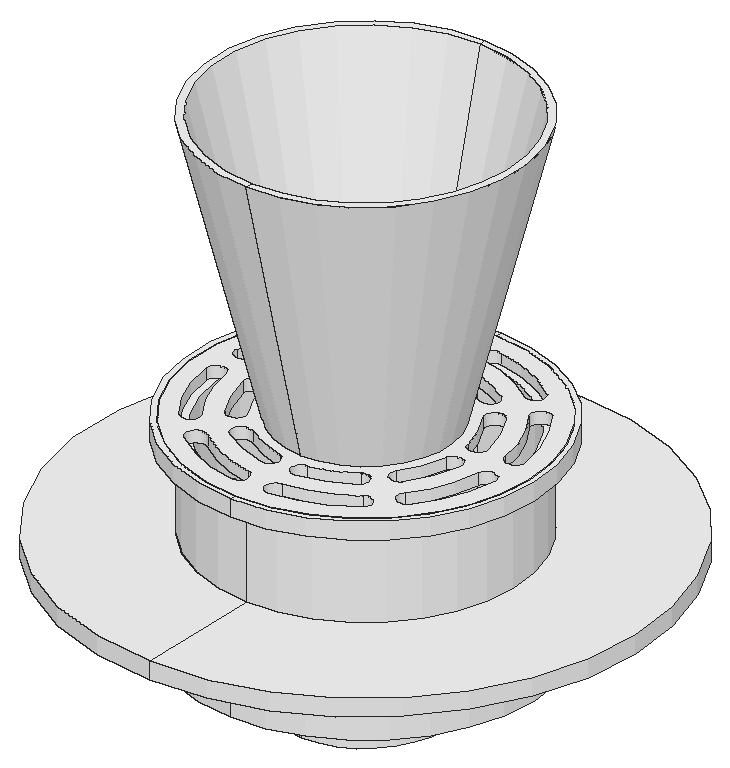
Revit family "F1100-EF", category Plumbing Fixtures, host Face, Revit 2018
Family settings
  Host = Face
  Round Connector Dimension = Use Radius
  Part Type = Normal
  Cut with Voids When Loaded = No
  Shared = No
  Room Calculation Point = No
Parameters (values of type "F1100-EF-Ø2"")
  WFU = 0
  URL = "WWW.MIFAB.COM"
  Pipe Radius = Pipe Diameter / 2  # 0' - 1"
  Pipe Diameter = 0' - 2"
  Model = "F1100-EF"
  Manufacturer = "MIFAB"
  Floor Drain Material = Paint - Sherwin Williams Paint - #952C2A - Bellwood Red
  Description = "ROUND FUNNEL FLOOR DRAIN FOR NON-MEMBRANE FLOOR AREAS"
  Default Elevation = 0' - 0"
  CWFU = 0
  BODY HEIGHT = 0' - 2 1/4"
  Assembly Code = ""
  ADJUSTMENT = 0' - 1 1/2"
Types (6): name | Pipe Radius | Pipe Diameter | BODY HEIGHT
  (no name) | 0' - 1" | 0' - 2" | 0' - 2 1/4"
  F1100-EF-Ø2" | 0' - 1" | 0' - 2" | 0' - 2 1/4"
  F1100-EF-Ø3" | 0' - 1 1/2" | 0' - 3" | 0' - 2 5/8"
  F1100-EF-Ø4" | 0' - 2" | 0' - 4" | 0' - 2 5/8"
  F1100-EF-Ø5" | 0' - 2 1/2" | 0' - 5" | 0' - 2 5/8"
  F1100-EF-Ø6" | 0' - 3" | 0' - 6" | 0' - 2 5/8"
Reference planes (in)
  plane 1 "Center (Front/Back)": y = 0
  plane 2: z = 0
  plane 3 "Center (Left/Right)": x = 0
  plane 4: y = -1
  plane 5: y = 1
  plane 6: y = 2.5
  plane 7: y = -2.5
  plane 8: y = -1.18
  plane 9: y = -2.32
  plane 10: y = -4
  plane 11: y = 4
  plane 12: z = -1.29633
  plane 13: z = -1.5
  plane 14: z = -1.75
  plane 15: z = -3.75
  plane 16: z = -2.9
  plane 17: z = 4
  plane 18: z = -0.25
  plane 19: y = -1.2
  plane 20: y = -1.18528
  plane 21: z = -2.39755
  plane 22: z = -2.31755
Forms (in)
  Revolve 1, solid, material "Paint - Sherwin Williams Paint - #952C2A - Bellwood Red" <- "Floor Drain Material"
    sketch origin (0, -109.78025, 0) x (0, 1, 0) y (0, 0, 1)
      loop
        line (107.58025, -2.31755) -> (107.66025, -2.39755) -> (107.73025, -2.39755) -> (107.73025, -0.16) -> (107.36025, -0.16) -> (107.36025, 0) -> (107.28025, 0) -> (107.28025, -0.25) -> (107.58025, -0.25) -> (107.58025, -2.31755)
      axis (109.78025, -2.39755) -> (109.78025, 0)
    angle from 0 to 360
  Revolve 2, solid, material "Paint - Sherwin Williams Paint - #952C2A - Bellwood Red" <- "Floor Drain Material"
    sketch origin (0, -109.78025, 5.25224) x (0, 1, 0) y (0, 0, 1)
      loop
        line (107.66025, -6.83224) -> (107.58025, -6.75224) -> (105.78025, -6.75224) -> (105.78025, -7.00224) -> (107.28025, -7.00224) -> (107.28025, -8.15224) -> (108.60025, -8.50224) -> (108.60025, -9.00224) -> (108.78025, -9.00224) -> (108.78025, -8.52) -> (107.46025, -8.17) -> (107.46025, -7.00224) -> (107.58025, -7.00224) -> (107.66025, -6.92224) -> (107.66025, -6.83224)
      axis (109.78025, -9.00224) -> (109.78025, -6.75224)
    angle from 0 to 360
  Revolve 3, solid, material "Paint - Sherwin Williams Paint - #952C2A - Bellwood Red" <- "Floor Drain Material"
    sketch origin (0, 0, 0) x (0, 1, 0) y (0, 0, 1)
      loop
        line (3.6, -2.08291) -> (3.6, -2.00575) -> (3.23, -2.00575) -> (3.13, -1.90575) -> (2.73, -1.90575) -> (2.73, -1.75) -> (2.32, -1.75) -> (2.32, -2.08291) -> (3.6, -2.08291)
      axis (2.32, -2.25575) -> (3.6, -2.25575)
    angle from 0 to 360
  Revolve 4, solid, material "Paint - Sherwin Williams Paint - #952C2A - Bellwood Red" <- "Floor Drain Material"
    sketch origin (0, 0, 0) x (0, 1, 0) y (0, 0, 1)
      loop
        line (-1.18528, 0.35) -> (-2.10738, 4) -> (-2.21053, 4) -> (-1.2, 0) -> (-0.125, 0) -> (-0.125, 0.35) -> (-1.18528, 0.35)
      axis (0, 0) -> (0, 4)
    angle from 0 to 360
  Extrusion 5, solid, material "Paint - Sherwin Williams Paint - #952C2A - Bellwood Red" <- "Floor Drain Material"
    sketch origin (0, 0, 0) x (-1, 0, 0) y (0, -1, 0)
      loop
        circle (0, 0) r 2.42
      loop
        arc (1.0682, -0.23682) -> (0.97801, -0.06268) -> (0.80387, -0.15286) r 0.13867
        arc (0.80387, -0.15286) -> (0.748, -0.30556) -> (0.67917, -0.45286) r 1.88266
        arc (0.67917, -0.45286) -> (0.73807, -0.63992) -> (0.92513, -0.58101) r 0.13867
        arc (0.92513, -0.58101) -> (1.0041, -0.41201) -> (1.0682, -0.23682) r 2.16
      loop
        arc (1.4928, -1.14715) -> (1.51826, -1.3416) -> (1.71271, -1.31614) r 0.13867
        arc (1.71271, -1.31614) -> (1.99444, -0.82934) -> (2.14094, -0.2863) r 2.16
        arc (2.14094, -0.2863) -> (2.02232, -0.13011) -> (1.86615, -0.24876) r 0.13867
        arc (1.86615, -0.24876) -> (1.73851, -0.72249) -> (1.4928, -1.14715) r 1.88266
      loop
        arc (1.61258, -0.26439) -> (1.50772, -0.09867) -> (1.34199, -0.20353) r 0.13867
        arc (1.34199, -0.20353) -> (1.24373, -0.51289) -> (1.09378, -0.80078) r 1.88266
        arc (1.09378, -0.80078) -> (1.13637, -0.99221) -> (1.3278, -0.94962) r 0.13867
        arc (1.3278, -0.94962) -> (1.49983, -0.61933) -> (1.61258, -0.26439) r 2.16
      loop
        arc (1.0682, 0.23682) -> (1.0041, 0.41201) -> (0.92513, 0.58101) r 2.16
        arc (0.92513, 0.58101) -> (0.73807, 0.63992) -> (0.67917, 0.45286) r 0.13867
        arc (0.67917, 0.45286) -> (0.748, 0.30556) -> (0.80387, 0.15286) r 1.88266
        arc (0.80387, 0.15286) -> (0.97801, 0.06268) -> (1.0682, 0.23682) r 0.13867
      loop
        arc (1.4928, 1.14715) -> (1.73851, 0.72249) -> (1.86615, 0.24876) r 1.88266
        arc (1.86615, 0.24876) -> (2.02232, 0.13011) -> (2.14094, 0.2863) r 0.13867
        arc (2.14094, 0.2863) -> (1.99444, 0.82934) -> (1.71271, 1.31614) r 2.16
        arc (1.71271, 1.31614) -> (1.51826, 1.3416) -> (1.4928, 1.14715) r 0.13867
      loop
        arc (1.61258, 0.26439) -> (1.49983, 0.61933) -> (1.3278, 0.94962) r 2.16
        arc (1.3278, 0.94962) -> (1.13637, 0.99221) -> (1.09378, 0.80078) r 0.13867
        arc (1.09378, 0.80078) -> (1.24373, 0.51289) -> (1.34199, 0.20353) r 1.88266
        arc (1.34199, 0.20353) -> (1.50772, 0.09867) -> (1.61258, 0.26439) r 0.13867
      loop
        arc (0.23682, 1.0682) -> (0.06268, 0.97801) -> (0.15286, 0.80387) r 0.13867
        arc (0.15286, 0.80387) -> (0.30556, 0.748) -> (0.45286, 0.67917) r 1.88266
        arc (0.45286, 0.67917) -> (0.63992, 0.73807) -> (0.58101, 0.92513) r 0.13867
        arc (0.58101, 0.92513) -> (0.41201, 1.0041) -> (0.23682, 1.0682) r 2.16
      loop
        arc (1.14715, 1.4928) -> (1.3416, 1.51826) -> (1.31614, 1.71271) r 0.13867
        arc (1.31614, 1.71271) -> (0.82934, 1.99444) -> (0.2863, 2.14094) r 2.16
        arc (0.2863, 2.14094) -> (0.13011, 2.02232) -> (0.24876, 1.86615) r 0.13867
        arc (0.24876, 1.86615) -> (0.72249, 1.73851) -> (1.14715, 1.4928) r 1.88266
      loop
        arc (0.26439, 1.61258) -> (0.09867, 1.50772) -> (0.20353, 1.34199) r 0.13867
        arc (0.20353, 1.34199) -> (0.51289, 1.24373) -> (0.80078, 1.09378) r 1.88266
        arc (0.80078, 1.09378) -> (0.99221, 1.13637) -> (0.94962, 1.3278) r 0.13867
        arc (0.94962, 1.3278) -> (0.61933, 1.49983) -> (0.26439, 1.61258) r 2.16
      loop
        arc (-0.23682, 1.0682) -> (-0.41201, 1.0041) -> (-0.58101, 0.92513) r 2.16
        arc (-0.58101, 0.92513) -> (-0.63992, 0.73807) -> (-0.45286, 0.67917) r 0.13867
        arc (-0.45286, 0.67917) -> (-0.30556, 0.748) -> (-0.15286, 0.80387) r 1.88266
        arc (-0.15286, 0.80387) -> (-0.06268, 0.97801) -> (-0.23682, 1.0682) r 0.13867
      loop
        arc (-1.14715, 1.4928) -> (-0.72249, 1.73851) -> (-0.24876, 1.86615) r 1.88266
        arc (-0.24876, 1.86615) -> (-0.13011, 2.02232) -> (-0.2863, 2.14094) r 0.13867
        arc (-0.2863, 2.14094) -> (-0.82934, 1.99444) -> (-1.31614, 1.71271) r 2.16
        arc (-1.31614, 1.71271) -> (-1.3416, 1.51826) -> (-1.14715, 1.4928) r 0.13867
      loop
        arc (-0.26439, 1.61258) -> (-0.61933, 1.49983) -> (-0.94962, 1.3278) r 2.16
        arc (-0.94962, 1.3278) -> (-0.99221, 1.13637) -> (-0.80078, 1.09378) r 0.13867
        arc (-0.80078, 1.09378) -> (-0.51289, 1.24373) -> (-0.20353, 1.34199) r 1.88266
        arc (-0.20353, 1.34199) -> (-0.09867, 1.50772) -> (-0.26439, 1.61258) r 0.13867
      loop
        arc (-1.0682, 0.23682) -> (-0.97801, 0.06268) -> (-0.80387, 0.15286) r 0.13867
        arc (-0.80387, 0.15286) -> (-0.748, 0.30556) -> (-0.67917, 0.45286) r 1.88266
        arc (-0.67917, 0.45286) -> (-0.73807, 0.63992) -> (-0.92513, 0.58101) r 0.13867
        arc (-0.92513, 0.58101) -> (-1.0041, 0.41201) -> (-1.0682, 0.23682) r 2.16
      loop
        arc (-1.4928, 1.14715) -> (-1.51826, 1.3416) -> (-1.71271, 1.31614) r 0.13867
        arc (-1.71271, 1.31614) -> (-1.99444, 0.82934) -> (-2.14094, 0.2863) r 2.16
        arc (-2.14094, 0.2863) -> (-2.02232, 0.13011) -> (-1.86615, 0.24876) r 0.13867
        arc (-1.86615, 0.24876) -> (-1.73851, 0.72249) -> (-1.4928, 1.14715) r 1.88266
      loop
        arc (-1.61258, 0.26439) -> (-1.50772, 0.09867) -> (-1.34199, 0.20353) r 0.13867
        arc (-1.34199, 0.20353) -> (-1.24373, 0.51289) -> (-1.09378, 0.80078) r 1.88266
        arc (-1.09378, 0.80078) -> (-1.13637, 0.99221) -> (-1.3278, 0.94962) r 0.13867
        arc (-1.3278, 0.94962) -> (-1.49983, 0.61933) -> (-1.61258, 0.26439) r 2.16
      loop
        arc (-1.0682, -0.23682) -> (-1.0041, -0.41201) -> (-0.92513, -0.58101) r 2.16
        arc (-0.92513, -0.58101) -> (-0.73807, -0.63992) -> (-0.67917, -0.45286) r 0.13867
        arc (-0.67917, -0.45286) -> (-0.748, -0.30556) -> (-0.80387, -0.15286) r 1.88266
        arc (-0.80387, -0.15286) -> (-0.97801, -0.06268) -> (-1.0682, -0.23682) r 0.13867
      loop
        arc (-1.4928, -1.14715) -> (-1.73851, -0.72249) -> (-1.86615, -0.24876) r 1.88266
        arc (-1.86615, -0.24876) -> (-2.02232, -0.13011) -> (-2.14094, -0.2863) r 0.13867
        arc (-2.14094, -0.2863) -> (-1.99444, -0.82934) -> (-1.71271, -1.31614) r 2.16
        arc (-1.71271, -1.31614) -> (-1.51826, -1.3416) -> (-1.4928, -1.14715) r 0.13867
      loop
        arc (-1.61258, -0.26439) -> (-1.49983, -0.61933) -> (-1.3278, -0.94962) r 2.16
        arc (-1.3278, -0.94962) -> (-1.13637, -0.99221) -> (-1.09378, -0.80078) r 0.13867
        arc (-1.09378, -0.80078) -> (-1.24373, -0.51289) -> (-1.34199, -0.20353) r 1.88266
        arc (-1.34199, -0.20353) -> (-1.50772, -0.09867) -> (-1.61258, -0.26439) r 0.13867
      loop
        arc (-0.23682, -1.0682) -> (-0.06268, -0.97801) -> (-0.15286, -0.80387) r 0.13867
        arc (-0.15286, -0.80387) -> (-0.30556, -0.748) -> (-0.45286, -0.67917) r 1.88266
        arc (-0.45286, -0.67917) -> (-0.63992, -0.73807) -> (-0.58101, -0.92513) r 0.13867
        arc (-0.58101, -0.92513) -> (-0.41201, -1.0041) -> (-0.23682, -1.0682) r 2.16
      loop
        arc (-1.14715, -1.4928) -> (-1.3416, -1.51826) -> (-1.31614, -1.71271) r 0.13867
        arc (-1.31614, -1.71271) -> (-0.82934, -1.99444) -> (-0.2863, -2.14094) r 2.16
        arc (-0.2863, -2.14094) -> (-0.13011, -2.02232) -> (-0.24876, -1.86615) r 0.13867
        arc (-0.24876, -1.86615) -> (-0.72249, -1.73851) -> (-1.14715, -1.4928) r 1.88266
      loop
        arc (-0.26439, -1.61258) -> (-0.09867, -1.50772) -> (-0.20353, -1.34199) r 0.13867
        arc (-0.20353, -1.34199) -> (-0.51289, -1.24373) -> (-0.80078, -1.09378) r 1.88266
        arc (-0.80078, -1.09378) -> (-0.99221, -1.13637) -> (-0.94962, -1.3278) r 0.13867
        arc (-0.94962, -1.3278) -> (-0.61933, -1.49983) -> (-0.26439, -1.61258) r 2.16
      loop
        arc (0.23682, -1.0682) -> (0.41201, -1.0041) -> (0.58101, -0.92513) r 2.16
        arc (0.58101, -0.92513) -> (0.63992, -0.73807) -> (0.45286, -0.67917) r 0.13867
        arc (0.45286, -0.67917) -> (0.30556, -0.748) -> (0.15286, -0.80387) r 1.88266
        arc (0.15286, -0.80387) -> (0.06268, -0.97801) -> (0.23682, -1.0682) r 0.13867
      loop
        arc (1.14715, -1.4928) -> (0.72249, -1.73851) -> (0.24876, -1.86615) r 1.88266
        arc (0.24876, -1.86615) -> (0.13011, -2.02232) -> (0.2863, -2.14094) r 0.13867
        arc (0.2863, -2.14094) -> (0.82934, -1.99444) -> (1.31614, -1.71271) r 2.16
        arc (1.31614, -1.71271) -> (1.3416, -1.51826) -> (1.14715, -1.4928) r 0.13867
      loop
        arc (0.26439, -1.61258) -> (0.61933, -1.49983) -> (0.94962, -1.3278) r 2.16
        arc (0.94962, -1.3278) -> (0.99221, -1.13637) -> (0.80078, -1.09378) r 0.13867
        arc (0.80078, -1.09378) -> (0.51289, -1.24373) -> (0.20353, -1.34199) r 1.88266
        arc (0.20353, -1.34199) -> (0.09867, -1.50772) -> (0.26439, -1.61258) r 0.13867
    from 0 to -0.16
  Revolve 6, solid, material "Paint - Sherwin Williams Paint - #952C2A - Bellwood Red" <- "Floor Drain Material"
    sketch origin (0, -128.59629, 36.63968) x (0, 1, 0) y (0, 0, 1)
      loop
        line (128.59629, -36.21968) -> (128.52129, -36.21968) -> (128.47129, -36.26968) -> (128.47129, -36.88968) -> (128.32629, -36.88968) -> (128.32629, -36.96968) -> (128.37629, -36.96968) -> (128.37629, -37.13968) -> (128.59629, -37.13968) -> (128.59629, -36.21968)
      axis (128.59629, -37.13968) -> (128.59629, -36.21968)
    angle from 0 to 360
Cuts and joins
  joined: Revolve 2, Revolve 3
Dimensions and locks (in)
  equal spacing: plane 5, plane 1 "Center (Front/Back)", plane 4
  "Pipe Diameter": plane 5 to plane 4
  plane 1 "Center (Front/Back)" to plane 4 = 0' - 1"
  equal spacing: plane 6, plane 1 "Center (Front/Back)", plane 7, locked at 2.5 each
  locked: plane 6 to plane 7 at 5
  locked: plane 4 to plane 8 at 0.18
  locked: plane 9 to plane 7 at 0.18
  equal spacing: plane 11, plane 1 "Center (Front/Back)", plane 10
  locked: plane 11 to plane 10 at 8
  locked: plane 13 to plane 14 at 0.25
  "BODY HEIGHT": plane 13 to plane 15
  "ADJUSTMENT": plane 2 to plane 13
  locked: plane 18 to plane 2 at 0.25
  locked: plane 13 to plane 16 at 1.4
  plane 20 to plane 19 to plane 7 = 0' - 0.01472" locked, 0' - 1.3" locked
  locked: plane 22 to plane 21 at 0.08
  locked: plane 13 to plane 21 at 0.89755
  plane 17 to level = 0' - 4"
  locked: Revolve 6 sketch curve to plane 2 at 0.42
  aligned and locked: plane 2 to host face
  aligned and locked: level to host face
  aligned and locked: Revolve 2 sketch curve to plane 4
  aligned and locked: plane 8 to Revolve 2 sketch curve
  aligned and locked: plane 7 to Revolve 2 sketch curve
  aligned and locked: plane 9 to Revolve 2 sketch curve
  aligned and locked: plane 10 to Revolve 2 sketch curve
  aligned and locked: Revolve 2 sketch curve to plane 13
  aligned and locked: plane 14 to Revolve 2 sketch curve
  aligned and locked: plane 15 to Revolve 2 sketch curve
  aligned and locked: plane 16 to Revolve 2 sketch curve
  aligned and locked: plane 2 to Revolve 1 sketch curve
  aligned and locked: plane 18 to Revolve 1 sketch curve
  aligned and locked: plane 19 to Revolve 4 sketch curve
  aligned and locked: plane 20 to Revolve 4 sketch curve
  aligned and locked: Revolve 1 sketch curve to plane 21
  aligned and locked: plane 22 to Revolve 1 sketch curve
  aligned and locked: plane 17 to Revolve 4 sketch curve
  aligned and locked: Revolve 6 sketch curve to plane 18
Automatic sketch dimensions
  host sketch curve to host sketch curve = 8' - 0"  (x2)
  Revolve 3 sketch curve to plane 14 = 0' - 0"
  plane 6 to Revolve 3 sketch curve = 0' - 0.18"
  Revolve 3 sketch curve to plane 6 = 0' - 0.23"
  Revolve 3 sketch curve to Revolve 3 sketch curve = 0' - 0.4"
  Revolve 3 sketch curve to Revolve 3 sketch curve = 0' - 0.1"  (x2)
  Revolve 3 sketch curve to Revolve 3 sketch curve = 0' - 0.37"
  Revolve 3 sketch curve to Revolve 3 sketch curve = 0' - 0.07716"
  Revolve 3 sketch curve to Revolve 3 sketch curve = 0' - 0"
  Revolve 3 sketch curve to Revolve 3 sketch curve = 0' - 0.14968"
  Revolve 3 sketch curve to Revolve 3 sketch curve = 0' - 0.17284"
  Revolve 1 sketch curve to plane 7 = 0' - 0"
  Revolve 1 sketch curve to plane 1 "Center (Front/Back)" = 0' - 0"
  Revolve 1 sketch curve to Revolve 1 sketch curve = 0' - 0.08"  (x2)
  plane 7 to Revolve 1 sketch curve = 0' - 0.3"
  Revolve 1 sketch curve to Revolve 1 sketch curve = 0' - 0.07"
  Revolve 1 sketch curve to Revolve 1 sketch curve = 0' - 0.09"
  level to Revolve 1 sketch curve = 0' - 1.15177"
  Revolve 1 sketch curve to Revolve 1 sketch curve = 0' - 0 3/4"
  Revolve 2 sketch curve to plane 14 = 0' - 0"
  Revolve 2 sketch curve to plane 1 "Center (Front/Back)" = 0' - 0"
  Revolve 2 sketch curve to plane 9 = 0' - 0.12"
  Revolve 2 sketch curve to Revolve 2 sketch curve = 0' - 0.12"
  Revolve 2 sketch curve to plane 13 = 0' - 0.08"
  Revolve 2 sketch curve to Revolve 2 sketch curve = 0' - 0.08"
  Revolve 2 sketch curve to plane 16 = 0' - 0.36776"
  Revolve 2 sketch curve to Revolve 2 sketch curve = 0' - 0.01776"
  Revolve 2 sketch curve to plane 16 = 0' - 0.01776"
  plane 14 to Revolve 2 sketch curve = 0' - 0.08"
  Revolve 2 sketch curve to plane 15 = 0' - 5.08541"
  Revolve 2 sketch curve to Revolve 2 sketch curve = 0' - 1.64678"
  Revolve 4 sketch curve to level = 0' - 0"
  Revolve 4 sketch curve to plane 1 "Center (Front/Back)" = 0' - 0"
  plane 1 "Center (Front/Back)" to Revolve 4 sketch curve = 0' - 0 1/8"
  plane 7 to Revolve 4 sketch curve = 0' - 0.39262"
  Revolve 4 sketch curve to Revolve 4 sketch curve = 0' - 0.10314"
  level to Revolve 4 sketch curve = 0' - 0.35"
  Revolve 4 sketch curve to Revolve 4 sketch curve = 0' - 0.38481"
  Revolve 4 sketch curve to Revolve 4 sketch curve = 0' - 0 1/4"
  Extrusion 5 sketch curve to Extrusion 5 sketch curve = 0' - 0"  (x104)
  Extrusion 5 sketch curve to Extrusion 5 sketch curve = 0' - 0.4008"  (x4)
  Extrusion 5 sketch curve to Extrusion 5 sketch curve = 0' - 0.52626"  (x2)
  Extrusion 5 sketch curve to Extrusion 5 sketch curve = 0' - 0 95/256"  (x8)
  Extrusion 5 sketch curve to Extrusion 5 sketch curve = 0' - 0.39196"  (x2)
  Extrusion 5 sketch curve to Extrusion 5 sketch curve = 0' - 0.22034"  (x4)
  Extrusion 5 sketch curve to Extrusion 5 sketch curve = 0' - 0.05441"  (x4)
  Extrusion 5 sketch curve to Extrusion 5 sketch curve = 0' - 0.33559"  (x6)
  Extrusion 5 sketch curve to Extrusion 5 sketch curve = 0' - 0.1883"  (x8)
  Extrusion 5 sketch curve to Extrusion 5 sketch curve = 0' - 0.28521"  (x8)
  Extrusion 5 sketch curve to Extrusion 5 sketch curve = 0' - 0.30738"  (x2)
  Extrusion 5 sketch curve to Extrusion 5 sketch curve = 0' - 0.09987"  (x8)
  Revolve 1 to Extrusion 5 sketch curve = 0' - 0.2675"  (x2)
  Revolve 1 to Extrusion 5 sketch curve = 0' - 0.23396"  (x2)
  Revolve 1 to Extrusion 5 sketch curve = 0' - 0.20961"  (x2)
  Revolve 1 to Extrusion 5 sketch curve = 0' - 0.19484"  (x2)
  Extrusion 5 sketch curve to Revolve 1 = 0' - 0.19484"  (x2)
  Extrusion 5 sketch curve to Revolve 1 = 0' - 0.20961"  (x2)
  Extrusion 5 sketch curve to Revolve 1 = 0' - 0.23396"  (x2)
  Extrusion 5 sketch curve to Revolve 1 = 0' - 0.2675"  (x2)
  Extrusion 5 sketch curve to Extrusion 5 sketch curve = 0' - 0.22223"  (x8)
  Extrusion 5 sketch curve to Extrusion 5 sketch curve = 0' - 0 73/256"  (x6)
  Extrusion 5 sketch curve to Extrusion 5 sketch curve = 0' - 0.45813"  (x4)
  Extrusion 5 sketch curve to Extrusion 5 sketch curve = 0' - 0.13389"  (x4)
  Extrusion 5 sketch curve to Extrusion 5 sketch curve = 0' - 0.35645"  (x4)
  Extrusion 5 sketch curve to Extrusion 5 sketch curve = 0' - 0.48684"  (x2)
  Extrusion 5 sketch curve to Extrusion 5 sketch curve = 0' - 0.41645"  (x2)
  Extrusion 5 sketch curve to Extrusion 5 sketch curve = 0' - 0.28201"  (x2)
  Extrusion 5 sketch curve to Extrusion 5 sketch curve = 0' - 0.27195"  (x2)
  Extrusion 5 sketch curve to Extrusion 5 sketch curve = 0' - 0.60769"  (x2)
  Extrusion 5 sketch curve to Extrusion 5 sketch curve = 0' - 0.18311"  (x2)
  Extrusion 5 sketch curve to Extrusion 5 sketch curve = 0' - 0.38969"  (x2)
  Extrusion 5 sketch curve to Extrusion 5 sketch curve = 0' - 0.41923"  (x2)
  Extrusion 5 sketch curve to Extrusion 5 sketch curve = 0' - 0.46791"  (x2)
  Extrusion 5 sketch curve to Extrusion 5 sketch curve = 0' - 0.03355"  (x2)
  Extrusion 5 sketch curve to Extrusion 5 sketch curve = 0' - 0.13739"  (x3)
  Extrusion 5 sketch curve to Extrusion 5 sketch curve = 0' - 0.13529"  (x2)
  Extrusion 5 sketch curve to Extrusion 5 sketch curve = 0' - 0.13216"  (x2)
  Extrusion 5 sketch curve to Extrusion 5 sketch curve = 0' - 0.07442"  (x2)
  Extrusion 5 sketch curve to Extrusion 5 sketch curve = 0' - 0.06408"  (x2)
  Extrusion 5 sketch curve to Extrusion 5 sketch curve = 0' - 0.0188"  (x2)
  Extrusion 5 sketch curve to Extrusion 5 sketch curve = 0' - 0.04198"  (x2)
  Extrusion 5 sketch curve to Extrusion 5 sketch curve = 0' - 0.03043"  (x2)
  Extrusion 5 sketch curve to Extrusion 5 sketch curve = 0' - 0.01874"  (x2)
  Extrusion 5 sketch curve to Extrusion 5 sketch curve = 0' - 0.12298"  (x2)
  Extrusion 5 sketch curve to Extrusion 5 sketch curve = 0' - 0.11701"  (x2)
  Extrusion 5 sketch curve to Extrusion 5 sketch curve = 0' - 0.1374"  (x3)
  Extrusion 5 sketch curve to Extrusion 5 sketch curve = 0' - 0.39097"  (x2)
  Revolve 3 sketch curve to plane 14 = 0' - 0.15575"
  plane 11 to Revolve 6 sketch curve = 0' - 4.27"
  Revolve 6 sketch curve to Revolve 6 sketch curve = 0' - 0.05"  (x3)
  Revolve 6 sketch curve to Revolve 6 sketch curve = 0' - 0.095"
  Revolve 6 sketch curve to Revolve 6 sketch curve = 0' - 0.22"
  Revolve 6 sketch curve to Revolve 6 sketch curve = 0' - 0.08"
  Revolve 6 sketch curve to Revolve 6 sketch curve = 0' - 0.17"
  Revolve 6 sketch curve to Revolve 6 sketch curve = 0' - 0"
  Revolve 6 sketch curve to Revolve 6 sketch curve = 0' - 0.1244"
  Revolve 6 sketch curve to Revolve 6 sketch curve = 0' - 0.19073"
  radius of Extrusion 5 sketch curve to Revolve 1 = 0' - 0"
  radius of Extrusion 5 sketch curve to Revolve 1 = 0' - 0.53734"  (x8)
  radius of Extrusion 5 sketch curve to Revolve 1 = 0' - 0.26"  (x8)
Connectors (in)
  piping at (0, 0, -3.75), diameter 2, driven by "Pipe Radius"
    settings: on cut or joined group of Revolve 2, Revolve 3, index 1, connector inside diameter 24", connector length 0' - 0", flow factor 0, pipe flow 0 GPM, pressure drop 0.00 psi, fitting loss kfactor 0, connector angle 0.00°, fixture units 0, engagement length 0' - 0", angle of deflection 0.00°, flow configuration 0, flow direction 0, fitting loss method 0, system type 7, joint type 0, gender type 0, connector reference index -1, connector utility 0, adjustable connector no, is connector primary yes, connector description ""
  piping at (0, 3.6, -2.25575), diameter 0.5
    settings: on cut or joined group of Revolve 2, Revolve 3, index 2, connector inside diameter 24", connector length 0' - 0", flow factor 0, pipe flow 0 GPM, pressure drop 0.00 psi, fitting loss kfactor 0, connector angle 0.00°, fixture units 0, engagement length 0' - 0", angle of deflection 0.00°, flow configuration 0, flow direction 0, fitting loss method 0, system type 7, joint type 0, gender type 0, connector reference index -1, connector utility 0, adjustable connector no, is connector primary no, connector description ""
